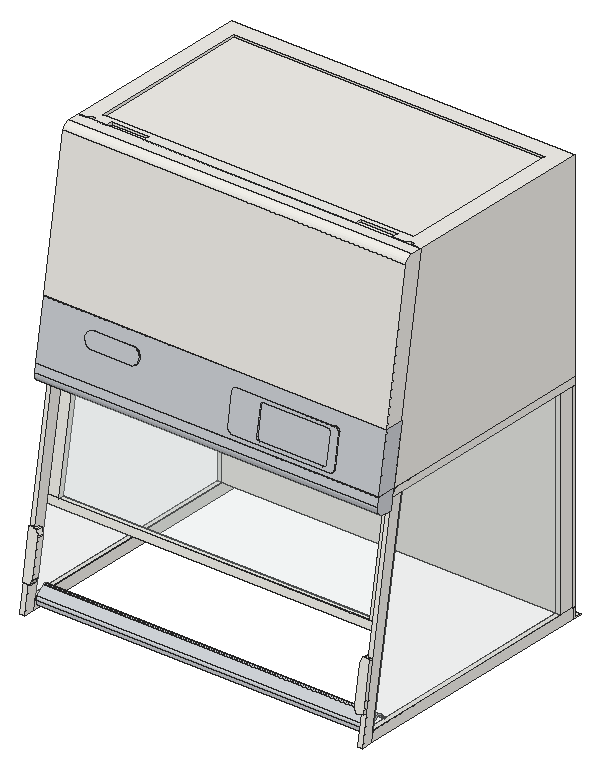
Revit family "Paramount 6963300 New", category Mechanical Equipment, Revit 2014
Parameters (values of type "3' Paramount")
  URL = "www.labconco.com"
  Sash = Glass
  Model = ""
  Length / Total Width = 36.000"
  Interior Depth = 23.400"
  Height = 43.700"
  Exterior Depth = 31.500"
  Description = ""
Reference planes (in)
  plane 1 "Center (Front/Back)": y = 0
  plane 2: z = 0
  plane 3 "Center (Left/Right)": x = 0
  plane 4 "Base": z = 0
  plane 5 "Inside Left": x = -25.125
  plane 6 "Inside Right": x = 13.11603
Forms (in)
  Extrusion 1, solid, material "Glass"
    sketch origin (-21.81633, 10.37611, 2.65234) x (0, -1, 0) y (0, 0, -1)
      loop
        line (-2.31495, -19.339) -> (18.55161, -19.339) -> (22.36277, 1.50193) -> (-2.31495, 1.50193) -> (-2.31495, -19.339)
    from 39.3253 to 39.8253
  Extrusion 2, solid, material "Fume Hood"
    sketch origin (-75.9669, 19.89414, 3.64708) x (0, 1, 0) y (0, 0, 1)
      loop
        line (-28.16713, 17.35112) -> (-30.0969, 6.49706) -> (-29.58906, 6.49706) -> (-27.65929, 17.35112) -> (-28.16713, 17.35112)
    from 58.44 to 59.64293
  Extrusion 3, solid, material "Fume Hood"
    sketch origin (75.94897, 19.89414, 3.64708) x (0, 1, 0) y (0, 0, -1)
      loop
        line (-28.16713, -17.35112) -> (-27.65929, -17.35112) -> (-29.58906, -6.49706) -> (-30.0969, -6.49706) -> (-28.16713, -17.35112)
    from 58.44 to 59.64293
  Extrusion 4, solid, material "Fume Hood"
    sketch origin (-99.9669, 17.95465, -7.20698) x (0, 1, 0) y (0, 0, 1)
      loop
        line (-28.16713, 17.35112) -> (-28.30048, 16.60112) -> (-27.79263, 16.60112) -> (-27.65929, 17.35112) -> (-28.16713, 17.35112)
    from 82.44 to 117.47587
  Extrusion 5, solid, material "Glass"
    sketch origin (-43.3369, 19.89414, 3.64708) x (0, 1, 0) y (0, 0, 1)
      loop
        line (-28.16713, 17.35112) -> (-30.0969, 6.49706) -> (-29.58906, 6.49706) -> (-27.65929, 17.35112) -> (-28.16713, 17.35112)
    from 27.01293 to 59.64293
  Extrusion 6, solid
    sketch origin (-41.36603, -10.45285, 26.61529) x (0, -0.170392, -0.985376) y (1, 0, 0)
      loop
        line (-0.72459, 32.90808) -> (-0.72459, 28.90808)
        arc (-0.72459, 28.90808) -> (0.09325, 28.05665) -> (0.97689, 28.83958) r 0.85212
        line (0.97689, 28.83958) -> (0.97689, 32.90808)
        arc (0.97689, 32.90808) -> (0.12615, 33.75882) -> (-0.72459, 32.90808) r 0.85074
    from 0 to 0.09557
  Extrusion 7, solid
    sketch origin (16.05549, -4.81139, 48.45181) x (-1, 0, 0) y (0, 0, 1)
      loop
        line (-0.93554, -22.31565) -> (-0.93554, -23.04663) -> (-0.65351, -23.34762)
        arc (-0.65351, -23.34762) -> (-0.58359, -23.3786) -> (-0.51269, -23.34991) r 0.09801
        line (-0.51269, -23.34991) -> (-0.22843, -23.06565) -> (-0.22843, -22.31565) -> (-0.52303, -22.02105)
        arc (-0.52303, -22.02105) -> (-0.58199, -21.99663) -> (-0.64094, -22.02105) r 0.08337
        line (-0.64094, -22.02105) -> (-0.93554, -22.31565)
      loop
        circle (-0.23374, -23.74023) r 0.25
      loop
        circle (-0.93554, -23.73603) r 0.25
      loop
        line (-0.83076, -22.36955) -> (-0.83076, -22.96727) -> (-0.52825, -22.96727) -> (-0.38976, -22.82877) -> (-0.38976, -22.50804) -> (-0.52825, -22.36955) -> (-0.83076, -22.36955)
    from 19.30151 to 19.43674
  Extrusion 8, solid, material "Fume Hood"
    sketch origin (-41.37709, 18.58182, 26.50509) x (0, 1, 0) y (0, 0, 1)
      loop
        line (-4.15737, -2.18106) -> (-4.02151, -2.18106) -> (-4.02151, 0.13342) -> (-4.15737, 0.13342) -> (-4.15737, -2.18106)
    from 57.29707 to 58.73207
  Extrusion 9, solid
    sketch origin (1.99103, 18.72325, 11.06386) x (0, 1, 0) y (0, 0, 1)
      loop
        arc (-29.01801, -9.27204) -> (-29.23809, -9.16941) -> (-29.47265, -9.23226) r 0.355
        line (-29.47265, -9.23226) -> (-30.40838, -9.88747)
        arc (-30.40838, -9.88747) -> (-30.51965, -10.01435) -> (-30.55977, -10.17827) r 0.355
        line (-30.55977, -10.17827) -> (-30.55977, -10.57081) -> (-30.45477, -10.57081) -> (-30.45477, -10.17827)
        arc (-30.45477, -10.17827) -> (-30.42652, -10.06283) -> (-30.34816, -9.97348) r 0.25
        line (-30.34816, -9.97348) -> (-29.41243, -9.31827)
        arc (-29.41243, -9.31827) -> (-29.2472, -9.27401) -> (-29.09219, -9.34635) r 0.25
        line (-29.09219, -9.34635) -> (-28.39779, -10.04216) -> (-28.32284, -9.96721) -> (-29.01801, -9.27204)
    from -19.51793 to 15.51793
  Extrusion 10, solid, material "Fume Hood"
    sketch origin (1.99103, -13.39741, 12.34077) x (0, 1, 0) y (0, 0, 1)
      loop
        line (27.95772, 31.33001) -> (7.85519, 31.33001) -> (4.20772, 10.37501) -> (27.95772, 10.37501) -> (27.95772, 31.33001)
    from -19.98207 to 16
  Extrusion 11, solid
    sketch origin (1.99103, -13.39741, 12.34077) x (0, 1, 0) y (0, 0, 1)
      loop
        line (4.19439, 10.37501) -> (5.23172, 16.25799) -> (3.29757, 16.25799) -> (2.26024, 10.37501) -> (4.19439, 10.37501)
    from -19.98207 to 16
  Extrusion 12, solid, material "Fume Hood"
    sketch origin (1.99103, -13.39741, 12.34077) x (0, 1, 0) y (0, 0, 1)
      loop
        line (7.85519, 31.33001) -> (6.60519, 31.33001)
        arc (6.60519, 31.33001) -> (6.1094, 31.15646) -> (5.83008, 30.71159) r 0.79496
        line (5.83008, 30.71159) -> (3.29099, 16.31169) -> (5.20706, 16.31169) -> (7.85519, 31.33001)
    from -19.98207 to 16
  Extrusion 13, solid, material "Fume Hood"
    sketch origin (1.99103, -13.39741, 12.34077) x (0, 1, 0) y (0, 0, 1)
      loop
        line (4.16161, 10.37501) -> (4.04177, 9.65056) -> (28.00028, 9.65056) -> (28.00028, 10.37501) -> (4.16161, 10.37501)
    from -19.98207 to 16.01793
  Extrusion 14, solid
    sketch origin (1.99103, -13.39741, 12.34077) x (0, 1, 0) y (0, 0, 1)
      loop
        line (4.15698, 10.34706) -> (2.27567, 10.34706) -> (2.0906, 9.47638)
        arc (2.0906, 9.47638) -> (2.21187, 8.88021) -> (2.73055, 8.56226) r 0.76294
        line (2.73055, 8.56226) -> (3.46916, 8.43203) -> (3.81931, 8.43203) -> (4.15698, 10.34706)
    from -19.98207 to 16.01793
  Extrusion 15, solid, material "Fume Hood"
    sketch origin (1.99103, -13.39741, 12.34077) x (0, 1, 0) y (0, 0, 1)
      loop
        line (26.13003, 9.65056) -> (26.13003, -11.18536) -> (27.74508, -11.18536) -> (27.74508, 9.65056) -> (26.13003, 9.65056)
    from -19.98207 to 16
  Extrusion 16, solid, material "Fume Hood"
    sketch origin (1.99103, -13.39741, 12.34077) x (0, 1, 0) y (0, 0, 1)
      loop
        line (27.74508, 9.65056) -> (27.74508, -11.19279) -> (28.00028, -11.19279) -> (28.00028, 9.65056) -> (27.74508, 9.65056)
    from -19.98207 to 16
  Extrusion 17, solid, material "Fume Hood"
    sketch origin (1.99103, -13.39741, 12.34077) x (0, 1, 0) y (0, 0, 1)
      loop
        line (27.88039, -11.19036) -> (1.42433, -11.19036) -> (1.28553, -12.32081) -> (27.88039, -12.32081) -> (27.88039, -11.19036)
    from 15.51793 to 16
  Extrusion 18, solid, material "Fume Hood"
    sketch origin (1.99103, -13.39741, 12.34077) x (0, 1, 0) y (0, 0, 1)
      loop
        line (5.23549, 9.65056) -> (4.03417, 9.65056) -> (0.1529, -12.32081) -> (1.28553, -12.32081) -> (1.42433, -11.19036) -> (5.23549, 9.65056)
    from 15.51793 to 16
  Extrusion 19, solid, material "Fume Hood"
    sketch origin (1.99103, -13.39741, 12.34077) x (0, 1, 0) y (0, 0, 1)
      loop
        line (27.88039, -11.19279) -> (27.88039, -12.32081) -> (28.76494, -12.32081) -> (28.76494, -12.19313) -> (28.00028, -12.19313) -> (28.00028, -11.19279) -> (27.88039, -11.19279)
    from -19.98207 to 16
  Extrusion 20, solid, material "Glass"
    sketch origin (21.81633, 10.37611, 2.65234) x (0, -1, 0) y (0, 0, 1)
      loop
        line (-2.31495, 19.339) -> (-2.31495, -1.50193) -> (22.36277, -1.50193) -> (18.55161, 19.339) -> (-2.31495, 19.339)
    from 39.3253 to 39.8253
  Extrusion 21, solid, material "Fume Hood"
    sketch origin (-1.99103, -13.39741, 12.34077) x (0, 1, 0) y (0, 0, -1)
      loop
        line (5.23549, -9.65056) -> (1.42433, 11.19036) -> (1.28553, 12.32081) -> (0.1529, 12.32081) -> (4.03417, -9.65056) -> (5.23549, -9.65056)
    from 15.51793 to 16
  Extrusion 22, solid, material "Fume Hood"
    sketch origin (-1.99103, -13.39741, 12.34077) x (0, 1, 0) y (0, 0, -1)
      loop
        line (27.88039, 11.19036) -> (27.88039, 12.32081) -> (1.28553, 12.32081) -> (1.42433, 11.19036) -> (27.88039, 11.19036)
    from 15.51793 to 16
  Extrusion 23, solid
    sketch origin (-41.36603, -9.06948, 34.61529) x (0, -0.170392, -0.985376) y (1, 0, 0)
      loop
        line (11.58719, 44.06765) -> (11.58719, 54.21116)
        arc (11.58719, 54.21116) -> (11.46057, 54.51685) -> (11.15489, 54.64347) r 0.43231
        line (11.15489, 54.64347) -> (7.91844, 54.64347)
        arc (7.91844, 54.64347) -> (7.61275, 54.51685) -> (7.48613, 54.21116) r 0.43231
        line (7.48613, 54.21116) -> (7.48613, 43.87781)
        arc (7.48613, 43.87781) -> (7.61275, 43.57212) -> (7.91844, 43.4455) r 0.43231
        line (7.91844, 43.4455) -> (11.15489, 43.4455)
        arc (11.15489, 43.4455) -> (11.4685, 43.68885) -> (11.58719, 44.06765) r 0.66384
      loop
        line (7.77757, 53.39151) -> (7.77757, 46.89151)
        arc (7.77757, 46.89151) -> (7.88744, 46.59632) -> (8.17695, 46.47227) r 0.39985
        line (8.17695, 46.47227) -> (10.92695, 46.47227)
        arc (10.92695, 46.47227) -> (11.17836, 46.61824) -> (11.27757, 46.89151) r 0.42596
        line (11.27757, 46.89151) -> (11.27757, 53.39151)
        arc (11.27757, 53.39151) -> (11.20018, 53.71929) -> (10.89637, 53.86466) r 0.39013
        line (10.89637, 53.86466) -> (8.17695, 53.86466)
        arc (8.17695, 53.86466) -> (7.86736, 53.72085) -> (7.77757, 53.39151) r 0.40513
    from 0 to 0.09557
  Extrusion 24, solid, material "Fume Hood"
    sketch origin (-22.16351, -13.47485, -6.98757) x (0, 0.179886, 0.983687) y (-1, 0, 0)
      loop
        arc (14.77987, -40.0753) -> (14.87538, -40.04147) -> (14.90921, -39.94596) r 0.11768
        line (14.90921, -39.94596) -> (14.84965, -39.37929)
        arc (14.84965, -39.37929) -> (14.83047, -39.32912) -> (14.78888, -39.29514) r 0.10431
        line (14.78888, -39.29514) -> (14.24622, -39.09763)
        arc (14.24622, -39.09763) -> (14.18105, -39.08043) -> (14.11385, -39.0753) r 0.37098
        line (14.11385, -39.0753) -> (10.39387, -39.0753)
        arc (10.39387, -39.0753) -> (10.33493, -39.08142) -> (10.2785, -39.09951) r 0.28693
        line (10.2785, -39.09951) -> (9.88743, -39.3253)
        arc (9.88743, -39.3253) -> (9.85485, -39.36348) -> (9.84658, -39.41298) r 0.09396
        line (9.84658, -39.41298) -> (9.91619, -40.0753) -> (14.77987, -40.0753)
    from 0.67564 to 1.36933
  Extrusion 25, solid, material "Fume Hood"
    sketch origin (22.16351, -13.47485, -6.98757) x (0, 0.179886, 0.983687) y (-1, 0, 0)
      loop
        line (14.77987, 40.0753) -> (9.91619, 40.0753) -> (9.84658, 39.41298)
        arc (9.84658, 39.41298) -> (9.85485, 39.36348) -> (9.88743, 39.3253) r 0.09396
        line (9.88743, 39.3253) -> (10.2785, 39.09951)
        arc (10.2785, 39.09951) -> (10.33493, 39.08142) -> (10.39387, 39.0753) r 0.28693
        line (10.39387, 39.0753) -> (14.11385, 39.0753)
        arc (14.11385, 39.0753) -> (14.18105, 39.08043) -> (14.24622, 39.09763) r 0.37098
        line (14.24622, 39.09763) -> (14.78888, 39.29514)
        arc (14.78888, 39.29514) -> (14.83047, 39.32912) -> (14.84965, 39.37929) r 0.10431
        line (14.84965, 39.37929) -> (14.90921, 39.94596)
        arc (14.90921, 39.94596) -> (14.87538, 40.04147) -> (14.77987, 40.0753) r 0.11768
    from 0.67564 to 1.36933
  Extrusion 26, void
    sketch origin (-66.9134, -3.20522, 53) x (-1, 0, 0) y (0, -1, 0)
      loop
        line (-50.56593, -15.92548) -> (-50.56593, 1.24798) -> (-83.26087, 1.24798) -> (-83.26087, -15.92548) -> (-50.56593, -15.92548)
      loop
        line (-51.87581, 1.70081) -> (-51.87581, 2.88735) -> (-55.7772, 2.88735) -> (-55.7772, 1.70081) -> (-51.87581, 1.70081)
      loop
        line (-78.00555, 1.70081) -> (-78.00555, 2.88735) -> (-81.90695, 2.88735) -> (-81.90695, 1.70081) -> (-78.00555, 1.70081)
      loop
        circle (-83.63219, 2.46834) r 0.44766
      loop
        circle (-50.17176, 2.45794) r 0.45178
    from -9.53422 to -9.32921
Cuts and joins
  Extrusion 26 cuts Extrusion 10
Lines and regions (in)
  model lines
    curve 1: line (17.99103, 1.05257, 24.71709) -> (16.99103, 1.05257, 24.71709)
    curve 2: line (16.99103, 1.05257, 24.71709) -> (16.99103, 1.05257, 23.83272)
Connectors (in)
  electrical at (16.63842, 14.62535, 25.78341)
    settings: on Extrusion 7, index 1, voltage 115 V, apparent load 0 VA, apparent load phase1 0 VA, apparent load phase2 0 VA, apparent load phase3 0 VA, power factor 1, load classification "Power", number of poles 1, system type 31, power factor state 1, is connector primary yes, connector utility no, sub classification motor no, connector description "for 115 Volt, 15 amp, Power Cord & Plug"
